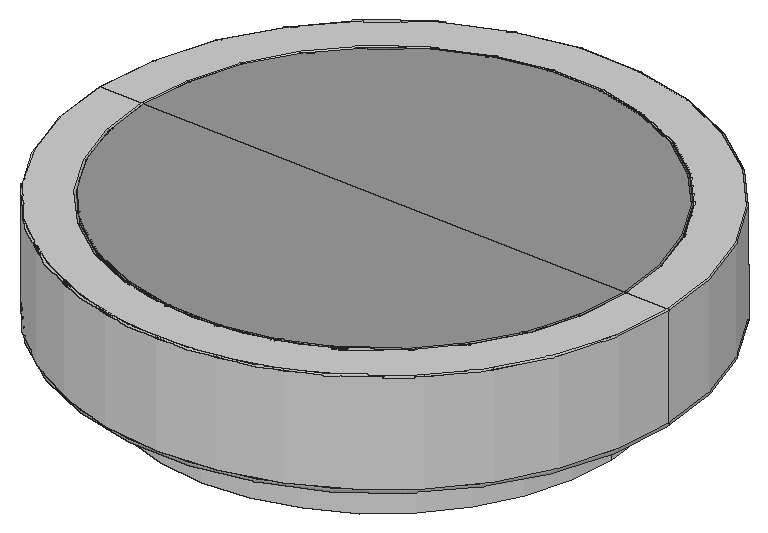
Revit family "OFM LED FLUSH MOUNT LIGHT", category Lighting Fixtures, host Face, Revit 2020
Family settings
  Host = Face
  Round Connector Dimension = Use Diameter
  Part Type = Normal
  Cut with Voids When Loaded = No
  Light Source = Yes
  Shared = No
  Room Calculation Point = No
Parameters (values of type "OFMR18304-WH")
  Wattage = 6.05889 W
  WATTS = 18 W
  built-in parameter 1150110 = 1 (stored number, unit not read)
  Voltage = 120 V
  URL = "https://www.abovealllighting.com/Product/LED-OUTDOOR-FIXTURES/LEDWallLight/OutdoorFlushMountLight.html"
  Type Comments = "OFM LED FLUSH MOUNT LIGHT"  # constant formula
  built-in parameter 1114217 = 1 (stored number, unit not read)
  Tilt Angle = -90.00°
  built-in parameter 1150109 = 1 (stored number, unit not read)
  built-in parameter 1150134 = (empty or 0)
  built-in parameter 1150113 = 1 (stored number, unit not read)
  Square Light = no
  Round Light = yes
  Photometric Web File = "OFMR18304-WH.IES"
  Order number = "16011"
  Model = "OFMR18304-WH"
  Manufacturer = "Above All Lighting"  # constant formula
  built-in parameter 1150105 = 224.84 (stored number, unit not read)
  Lumens = 900 lm
  built-in parameter 1150115 = 1 (stored number, unit not read)
  Light Source Height = 0' - 3"
  built-in parameter 1150137 = (empty or 0)
  built-in parameter 1150139 = (empty or 0)
  built-in parameter 1150112 = 1 (stored number, unit not read)
  built-in parameter 1150114 = 1 (stored number, unit not read)
  Inside Bulb Element = BULB Material
  built-in parameter 1150132 = 2
  built-in parameter 1150102 = (empty or 0)
  built-in parameter 1150107 = 3000 (stored number, unit not read)
  built-in parameter 1150138 = (empty or 0)
  built-in parameter 1150106 = 2.2484 (stored number, unit not read)
  IP Rating = "20"  # constant formula
  Fixture Height = 0' - 2 87/128"
  Fixture Diameter = 0' - 9 215/256"
  Finish/Color = White
  built-in parameter 1150104 = 13.8 (stored number, unit not read)
  Dimming Lamp Color Temperature Shift = <None>
  Description = "The OFM outdoor flush mount light comes in round and square shapes. Body and bracket in die-cast \r\naluminum. Powder coated with pretreatment plus silicon rubber gasket for outdoor use. Simple and elegant \r\nappearanceis ideal for general illumination for residential and commercial applications such as porches, \r\ncovered walkways and store entrances."  # constant formula
  Default Elevation = 4' - 0"
  Color Filter = 16777215
  CRI = "80"  # constant formula
  built-in parameter 1114218 = 1 (stored number, unit not read)
  Average life based on 77F(HRS) = "50000"  # constant formula
  built-in parameter 1150133 = 10 (stored number, unit not read)
  Apparent Load = 22.5 VA
Types (3): name | Wattage | Square Light | Round Light | Photometric Web File | Order number | Model | built-in parameter 1150105 | Lumens | Light Source Height | built-in parameter 1150106 | Fixture Height | Fixture Diameter
  (no name) | 6.05889 W | no | yes | "OFMR18304-WH.IES" | "16011" | "OFMR18304-WH" | 224.84 (stored number, unit not read) | 900 lm | 0' - 3" | 2.2484 (stored number, unit not read) | 0' - 2 87/128" | 0' - 9 215/256"
  OFMR18304-WH | 6.05889 W | no | yes | "OFMR18304-WH.IES" | "16011" | "OFMR18304-WH" | 224.84 (stored number, unit not read) | 900 lm | 0' - 3" | 2.2484 (stored number, unit not read) | 0' - 2 87/128" | 0' - 9 215/256"
  OFMS18304-WH | 5.38568 W | yes | no | "OFMS18304-WH.IES" | "16012" | "OFMS18304-WH" | 63.662 (stored number, unit not read) | 800 lm | 0' - 3.04256" | 0.63662 (stored number, unit not read) | 0' - 2 23/32" | 0' - 9 37/128"
Reference planes (in)
  plane 1 "Center (Front/Back)": y = 0
  plane 2: z = 0
  plane 3 "Center (Left/Right)": x = 0
  plane 4: z = 3
Dimensions and locks (in)
  "Light Source Height": plane 4 to plane 2
  aligned and locked: plane 2 to host face
  aligned and locked: level to host face
  aligned and locked: plane 1 "Center (Front/Back)" to nested 1
  aligned and locked: nested 1 to plane 3 "Center (Left/Right)"
  aligned and locked: nested 1 to plane 2
  aligned and locked: plane 1 "Center (Front/Back)" to nested 2
  aligned and locked: plane 3 "Center (Left/Right)" to nested 2
  aligned and locked: nested 2 to plane 2
  aligned and locked: plane 4 to imposter light
  aligned and locked: plane 3 "Center (Left/Right)" to imposter light
Automatic sketch dimensions
  host sketch curve to host sketch curve = 8' - 0"  (x2)
Nested families (in)
  nested 1: "SQUARE LIGHT" at (0, 0, 0) x (0, -1, 0) z (0, 0, 1), Body Material <- "Finish/Color", Inside Bulb Element <- "Inside Bulb Element", visible <- "Square Light", Square Light <- "Square Light", type "SQUARE LIGHT"
    with Square Light no, Inside Bulb Element BULB Material, Body Material White
  nested 2: "ROUND LIGHT" at (0, 0, 0), Body Material <- "Finish/Color", Inside Bulb Element <- "Inside Bulb Element", visible <- "Round Light", Round Light <- "Round Light", type "ROUND LIGHT"
    with Round Light yes, Inside Bulb Element BULB Material, Body Material White
Connectors (in)
  electrical at (0, 0, 0)
    settings: on host face, index 1, voltage 0 V, apparent load 0 VA, apparent load phase1 0 VA, apparent load phase2 0 VA, apparent load phase3 0 VA, power factor 1, load classification "Other", number of poles 1, system type 31, power factor state 1, is connector primary yes, connector utility no, sub classification motor no, connector description ""
Definition of nested family "ROUND LIGHT"
  Parameters (values of type "ROUND LIGHT")
    Round Light [instance] = yes
    Inside Bulb Element [instance] = none
    Fixture Height = 0' - 2.68"
    Fixture Diameter = 0' - 9.84252"
    Default Elevation = 0' - 0"
    Body Material [instance] = none
  Reference planes (in)
    plane 1 "Center (Front/Back)": y = 0
    plane 2: z = 0
    plane 3 "Center (Left/Right)": x = 0
    plane 4: z = 2.68
    plane 5: x = -4.92126
    plane 6: x = 4.92126
    plane 7: z = 0.83
  Forms (in)
    Revolve 1, solid, material <- "Body Material", visible <- "Round Light"
      sketch origin (0, 0, 0) x (1, 0, 0) y (0, 0, 1)
        loop
          line (0, 0.83) -> (0, 1.68) -> (-4.17126, 1.68) -> (-4.17126, 2.65772)
          arc (-4.17126, 2.65772) -> (-4.17778, 2.67348) -> (-4.19354, 2.68) r 0.02228
          line (-4.19354, 2.68) -> (-4.90074, 2.68)
          arc (-4.90074, 2.68) -> (-4.91525, 2.67399) -> (-4.92126, 2.65948) r 0.02052
          line (-4.92126, 2.65948) -> (-4.92126, 0.92458)
          arc (-4.92126, 0.92458) -> (-4.89356, 0.8577) -> (-4.82668, 0.83) r 0.09458
          line (-4.82668, 0.83) -> (0, 0.83)
        axis (0, 0.83) -> (0, 2.68)
      angle from 0 to 360
    Revolve 2, solid, material <- "Body Material", visible <- "Round Light"
      sketch origin (0, 0, 0) x (1, 0, 0) y (0, 0, 1)
        loop
          line (-3.68701, 0) -> (-3.68701, 0.83) -> (-3.93701, 0.83) -> (-3.93701, 0) -> (-3.68701, 0)
        axis (0, 0.83) -> (0, 0)
      angle from 0 to 360
    Extrusion 3, void
      sketch origin (0, 0, 0) x (1, 0, 0) y (0, 0, 1)
        loop
          circle (0, 0.39429) r 0.11477
      from 0 to 12
    Revolve 4, solid, material <- "Inside Bulb Element", visible <- "Round Light"
      sketch origin (0, 0, 0) x (1, 0, 0) y (0, 0, 1)
        loop
          line (0, 1.68) -> (0, 2.68) -> (-4.1515, 2.68)
          arc (-4.1515, 2.68) -> (-4.16547, 2.67421) -> (-4.17126, 2.66024) r 0.01976
          line (-4.17126, 2.66024) -> (-4.17126, 1.68) -> (0, 1.68)
        axis (0, 1.68) -> (0, 2.68)
      angle from 0 to 360
  Cuts and joins
    Extrusion 3 cuts Revolve 2
  Dimensions and locks (in)
    equal spacing: plane 6, plane 3 "Center (Left/Right)", plane 5
    "Fixture Diameter": plane 6 to plane 5
    locked: plane 7 to plane 2 at 0.83
    "Fixture Height": plane 4 to plane 2
    locked: Revolve 1 sketch curve to Revolve 1 sketch curve at 0.85
    locked: Revolve 1 sketch curve to Revolve 1 sketch curve at 0.75
    locked: Revolve 2 sketch curve to Revolve 2 sketch curve at 0.25
    locked: plane 3 "Center (Left/Right)" to Revolve 2 sketch curve at 3.93701
    locked: Extrusion 3 sketch curve to plane 3 "Center (Left/Right)"
    locked: plane 3 "Center (Left/Right)" to Revolve 4 sketch curve at 4.17126
    aligned and locked: plane 2 to level
    aligned and locked: Revolve 1 sketch curve to plane 3 "Center (Left/Right)"
    aligned and locked: plane 5 to Revolve 1 sketch curve
    aligned and locked: Revolve 1 sketch curve to plane 4
    aligned and locked: plane 7 to Revolve 1 sketch curve
    aligned and locked: plane 3 "Center (Left/Right)" to Revolve 1 sketch curve
    aligned and locked: plane 2 to Revolve 2 sketch curve
    aligned and locked: Revolve 2 sketch curve to plane 7
    aligned and locked: Revolve 2 sketch curve to plane 3 "Center (Left/Right)"
    aligned and locked: Revolve 4 sketch curve to plane 3 "Center (Left/Right)"
    aligned and locked: Revolve 4 sketch curve to plane 4
    aligned and locked: Revolve 4 sketch curve to Revolve 1
    aligned and locked: plane 3 "Center (Left/Right)" to Revolve 4 sketch curve
  Automatic sketch dimensions
    Revolve 2 sketch curve to level = 0' - 1 1/2"
    Revolve 2 sketch curve to Revolve 2 sketch curve = 0' - 0 1/2"
    level to Extrusion 3 sketch curve = 0' - 0.39429"
    Revolve 4 sketch curve to Revolve 4 sketch curve = 0' - 0.01976"
    Revolve 4 sketch curve to Revolve 4 sketch curve = 0' - 2"
    Revolve 4 sketch curve to Revolve 4 sketch curve = 0' - 3 1/4"
    plane 5 to Revolve 1 sketch curve = 0' - 0.02052"
    plane 5 to Revolve 1 sketch curve = 0' - 0.09458"
    Revolve 1 sketch curve to plane 4 = 0' - 0.02228"
    plane 4 to Revolve 1 sketch curve = 0' - 0 1/2"
    Revolve 1 sketch curve to Revolve 1 sketch curve = 0' - 1 1/4"
    radius of Extrusion 3 sketch curve = 0' - 0.11477"
Definition of nested family "SQUARE LIGHT"
  Parameters (values of type "SQUARE LIGHT")
    Square Light [instance] = yes
    Inside Bulb Element [instance] = none
    Fixture Height = 0' - 2.72"
    Fixture Diameter = 0' - 9.29"
    Default Elevation = 0' - 0"
    Body Material [instance] = none
  Reference planes (in)
    plane 1 "Center (Front/Back)": y = 0
    plane 2: z = 0
    plane 3 "Center (Left/Right)": x = 0
    plane 4: z = 2.72
    plane 5: x = -4.645
    plane 6: x = 4.645
    plane 7: z = 0.83
    plane 8: y = -4.645
    plane 9: y = 4.645
  Forms (in)
    Extrusion 1, solid, material <- "Body Material", visible <- "Square Light"
      sketch origin (0, 0, 0) x (1, 0, 0) y (0, 1, 0)
        loop
          arc (-4.145, 4.645) -> (-4.49855, 4.49855) -> (-4.645, 4.145) r 0.5
          line (-4.645, 4.145) -> (-4.645, -4.145)
          arc (-4.645, -4.145) -> (-4.49855, -4.49855) -> (-4.145, -4.645) r 0.5
          line (-4.145, -4.645) -> (4.145, -4.645)
          arc (4.145, -4.645) -> (4.49855, -4.49855) -> (4.645, -4.145) r 0.5
          line (4.645, -4.145) -> (4.645, 4.145)
          arc (4.645, 4.145) -> (4.49855, 4.49855) -> (4.145, 4.645) r 0.5
          line (4.145, 4.645) -> (-4.145, 4.645)
        loop
          line (-4.145, 4.16062) -> (-4.145, -4.145) -> (4.145, -4.145) -> (4.145, 4.16062) -> (-4.145, 4.16062)
      from 0.83 to 2.72
    Extrusion 2, solid, material <- "Body Material", visible <- "Square Light"
      sketch origin (0, 0, 0) x (1, 0, 0) y (0, 1, 0)
        loop
          line (-4.145, 4.16062) -> (-4.145, -4.145) -> (4.145, -4.145) -> (4.145, 4.16062) -> (-4.145, 4.16062)
      from 0.83 to 1.16741
    Extrusion 3, solid, material <- "Inside Bulb Element", visible <- "Square Light"
      sketch origin (0, 0, 0) x (1, 0, 0) y (0, 1, 0)
        loop
          line (-4.145, 4.16062) -> (-4.145, -4.145) -> (4.145, -4.145) -> (4.145, 4.16062) -> (-4.145, 4.16062)
      from 2.27568 to 2.72
    Extrusion 4, solid, material <- "Body Material", visible <- "Square Light"
      sketch origin (0, 0, 0) x (1, 0, 0) y (0, 1, 0)
        loop
          line (-3.645, 3.05388) -> (-3.645, -3.05388)
          arc (-3.645, -3.05388) -> (-3.5132, -3.43146) -> (-3.17506, -3.645) r 0.60675
          line (-3.17506, -3.645) -> (3.17506, -3.645)
          arc (3.17506, -3.645) -> (3.5132, -3.43146) -> (3.645, -3.05388) r 0.60675
          line (3.645, -3.05388) -> (3.645, 3.05388)
          arc (3.645, 3.05388) -> (3.46729, 3.48291) -> (3.03825, 3.66062) r 0.60675
          line (3.03825, 3.66062) -> (-3.03825, 3.66062)
          arc (-3.03825, 3.66062) -> (-3.46729, 3.48291) -> (-3.645, 3.05388) r 0.60675
        loop
          line (3.03825, 3.16062) -> (-3.03825, 3.16062)
          arc (-3.03825, 3.16062) -> (-3.11373, 3.12936) -> (-3.145, 3.05388) r 0.10675
          line (-3.145, 3.05388) -> (-3.145, -3.05388)
          arc (-3.145, -3.05388) -> (-3.13134, -3.10612) -> (-3.09386, -3.145) r 0.10675
          line (-3.09386, -3.145) -> (3.09386, -3.145)
          arc (3.09386, -3.145) -> (3.13134, -3.10612) -> (3.145, -3.05388) r 0.10675
          line (3.145, -3.05388) -> (3.145, 3.05388)
          arc (3.145, 3.05388) -> (3.11373, 3.12936) -> (3.03825, 3.16062) r 0.10675
      from 0 to 0.83
    Extrusion 5, void
      sketch origin (0, 0, 0) x (1, 0, 0) y (0, 0, 1)
        loop
          circle (-2.24385, 0.37067) r 0.1337
        loop
          circle (2.24385, 0.37067) r 0.1337
      from 0 to 3.645
  Cuts and joins
    Extrusion 5 cuts Extrusion 4
  Dimensions and locks (in)
    equal spacing: plane 6, plane 3 "Center (Left/Right)", plane 5
    "Fixture Diameter": plane 6 to plane 5
    locked: plane 7 to plane 2 at 0.83
    "Fixture Height": plane 4 to plane 2
    equal spacing: plane 9, plane 1 "Center (Front/Back)", plane 8
    "Fixture Diameter": plane 9 to plane 8
    locked: Extrusion 1 sketch curve to Extrusion 1 sketch curve at 0.48437
    locked: Extrusion 1 sketch curve to Extrusion 1 sketch curve at 0.5  (x3)
    locked: Extrusion 2 to plane 7 at 0.33741
    locked: plane 4 to Extrusion 3 at 0.44432
    aligned and locked: plane 2 to level
    aligned and locked: Extrusion 1 to plane 7
    aligned and locked: plane 4 to Extrusion 1
    aligned and locked: Extrusion 1 sketch curve to plane 6
    aligned and locked: Extrusion 1 sketch curve to plane 9
    aligned and locked: plane 8 to Extrusion 1 sketch curve
    aligned and locked: plane 5 to Extrusion 1 sketch curve
    aligned and locked: Extrusion 2 sketch curve to Extrusion 1  (x4)
    aligned and locked: Extrusion 2 to plane 7
    aligned and locked: Extrusion 3 sketch curve to Extrusion 1  (x4)
    aligned and locked: plane 4 to Extrusion 3
    aligned and locked: plane 7 to Extrusion 4
    aligned and locked: Extrusion 4 to level
    aligned and locked: Extrusion 4 to Extrusion 1
    aligned and locked: Extrusion 4 to Extrusion 5
    aligned and locked: Extrusion 5 to plane 1 "Center (Front/Back)"
  Automatic sketch dimensions
    plane 5 to Extrusion 4 sketch curve = 0' - 1"
    Extrusion 4 sketch curve to Extrusion 4 sketch curve = 0' - 0.60675"
    Extrusion 4 sketch curve to plane 9 = 0' - 1.59112"  (x2)
    Extrusion 4 sketch curve to plane 6 = 0' - 1.46994"
    plane 8 to Extrusion 4 sketch curve = 0' - 1.59112"
    Extrusion 4 sketch curve to Extrusion 4 sketch curve = 0' - 0.13681"  (x2)
    Extrusion 4 sketch curve to Extrusion 4 sketch curve = 0' - 0"  (x8)
    Extrusion 4 sketch curve to Extrusion 4 sketch curve = 0' - 0.08121"  (x2)
    Extrusion 4 sketch curve to Extrusion 4 sketch curve = 0' - 0 1/2"  (x2)
    level to Extrusion 5 sketch curve = 0' - 0.37067"  (x2)
    Extrusion 5 sketch curve to plane 3 "Center (Left/Right)" = 0' - 2.24385"
    plane 3 "Center (Left/Right)" to Extrusion 5 sketch curve = 0' - 2.24385"
    Extrusion 1 sketch curve to Extrusion 1 sketch curve = 0' - 0"  (x4)
    radius of Extrusion 5 sketch curve = 0' - 0.1337"  (x2)
